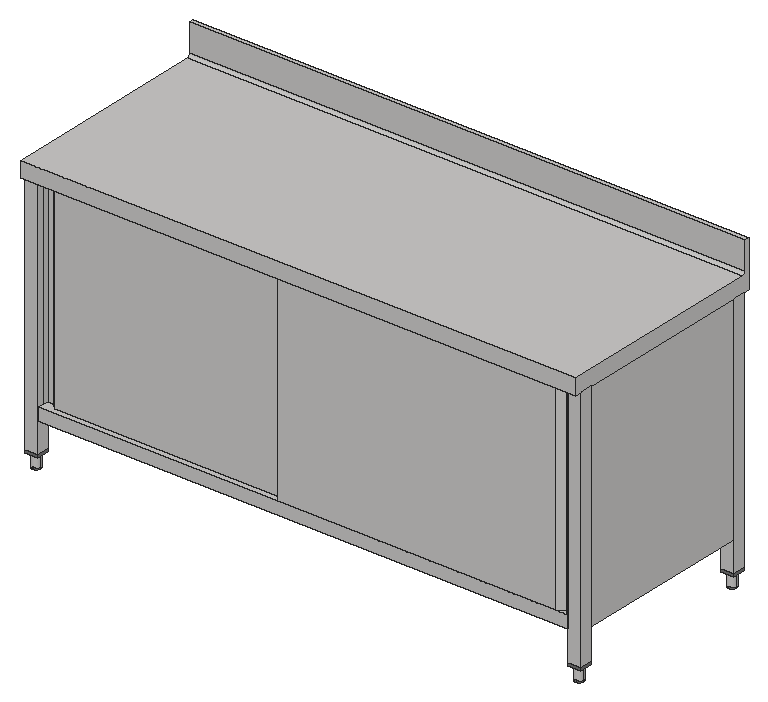
Revit family "QF_ELECTROLUXPROFESSIONAL_134037_GTN1810E", category Attrezzature speciali, Revit 2020
Family settings
  Quota connettore circolare = Usa diametro
  Tipo di parte = Normale
  Basato su piano di lavoro = No
  Sempre verticale = Sì
  Taglio con vuoti quando caricato = No
  Condiviso = No
  Punto di calcolo locali = No
Parameters (values of type "Standard")
  Weight = 95.00 kg
  Watts = 0 W
  Volts = 0 V
  URL Manufacturer = "https://www.electroluxprofessional.com/"
  URL = "https://www.electroluxprofessional.com/"
  Steam Supply Size = 0 mm
  Steam Supply Minimum Pressure = 0.0 Pa
  Steam Supply Maximum Pressure = 0.0 Pa
  Steam Consumption per Hour = 0
  Refrigeration Suction Line Size = 0.0 mm
  Refrigeration Liquid Line Size = 0.0 mm
  Refrigerant Compressor Remote = yes
  Prospetto di default = 0.0 mm
  Produttore = "Electrolux Professional"
  Phase = 0
  Modello = "GTN1810E"
  Length Actual = 1800.0 mm  # constant formula
  Item Number = "134037"
  Hot Water Size = 0 mm
  Height Actual = 1000.0 mm  # constant formula
  HP = "0 HP"
  Gas Size = 0 mm
  Gas KW = 0
  Gas Input Pressure = 0 W
  Direct Waste Size = 0 mm
  Descrizione = "WORKTOP CUPBOARD WITH UPSTAND 1800MM"
  Depth Actual = 700.0 mm  # constant formula
  Cycle = 0 Hz
  Condensate Return Size = 0 mm
  Compressed Air Volume = 0.0 L/s
  Compressed Air Size = 0 mm
  Compressed Air Pressure = 0.0 Pa
  Cold Water Size = 0 mm
  Accessory = yes
Reference planes
  plane 1 "Center (Front/Back)": y = 0
  plane 2: z = 0
  plane 3 "Center (Left/Right)": x = -400
  plane 4 "LEFT": x = -1300
  plane 5 "RIGHT": x = 500
  plane 6 "BACK": y = 350
  plane 7 "FRONT": y = -350
  plane 8 "Base": z = 850
  plane 9 "TOP": z = 900
  plane 10: x = -1280
  plane 11: x = 480
  plane 12: y = 310
  plane 13: y = -310
  plane 14 "BodyLeft": x = -1300
  plane 15 "BodyFront": y = -330
  plane 16 "BodyRight": x = 500
  plane 17 "BodyBack": y = 330
  plane 18 "FEET": z = 150
  plane 19: x = -320
  plane 20: x = -480
Forms (mm)
  Extrusion 1, solid, material "QF_Finishes_Stainless Steel"
    sketch origin (-400, 0, 0) x (0, 1, 0) y (0, 0, 1)
      loop
        line (-350, 850) -> (350, 850) -> (350, 1000) -> (337, 1000) -> (337, 910)
        arc (337, 910) -> (334.071, 902.929) -> (327, 900) r 10
        line (327, 900) -> (-350, 900) -> (-350, 850)
    from 900 to -900
  Extrusion 2, solid, material "QF_Finishes_Stainless Steel"
    sketch origin (0, 0, 150) x (-1, 0, 0) y (0, -1, 0)
      loop
        line (1300, -290) -> (1300, 290) -> (1260, 290) -> (1260, -290) -> (1300, -290)
      loop
        line (-460, -290) -> (-460, 290) -> (-500, 290) -> (-500, -290) -> (-460, -290)
    from 0 to 700
  Extrusion 3, solid, material "QF_Finishes_Stainless Steel"
    sketch origin (0, 0, 150) x (-1, 0, 0) y (0, -1, 0)
      loop
        line (1260, -290) -> (1260, 330) -> (-460, 330) -> (-460, -290) -> (1260, -290)
    from 0 to 40
  Extrusion 4, solid, material "QF_Finishes_Stainless Steel"
    sketch origin (0, 0, 150) x (-1, 0, 0) y (0, -1, 0)
      loop
        line (1260, -290) -> (-460, -290) -> (-460, -330) -> (1260, -330) -> (1260, -290)
    from 0 to 700
  Extrusion 5, solid, material "QF_Finishes_Stainless Steel"
    sketch origin (0, 0, 150) x (-1, 0, 0) y (0, -1, 0)
      loop
        line (-460, 330) -> (-460, 310) -> (480, 310) -> (480, 330) -> (-420, 330) -> (-440, 315) -> (-455, 315) -> (-455, 330) -> (-460, 330)
    from 40 to 700
  Extrusion 6, solid, material "QF_Finishes_Stainless Steel"
    sketch origin (0, 20, 150) x (1, 0, 0) y (0, 1, 0)
      loop
        line (-1260, -330) -> (-1255, -330) -> (-1255, -315) -> (-1240, -315) -> (-1220, -330) -> (-320, -330) -> (-320, -310) -> (-1260, -310) -> (-1260, -330)
    from 40 to 700
  Extrusion 7, solid, material "QF_Finishes_Stainless Steel"
    sketch origin (0, 0, 150) x (-1, 0, 0) y (0, -1, 0)
      loop
        line (1260, 290) -> (-460, 290) -> (-460, -290) -> (1260, -290) -> (1260, 290)
    from 350 to 390
Lines and regions (mm)
  symbolic lines
    curve 1: line (500, 350, 900) -> (-1300, 350, 900)
    curve 2: line (-1300, 350, 900) -> (-1300, -350, 900)
    curve 3: line (-1300, -350, 900) -> (500, -350, 900)
    curve 4: line (500, -350, 900) -> (500, 350, 900)
    curve 5: line (-1300, 337, 900) -> (500, 337, 900)
  symbolic lines, style "SpecialityEquipmentHiddenLines"
    curve 6: line (-1300, 330, 150) -> (500, 330, 150)
    curve 7: line (-1300, -330, 150) -> (-1300, 330, 150)
    curve 8: line (500, -330, 150) -> (-1300, -330, 150)
    curve 9: line (500, 330, 150) -> (500, -330, 150)
    curve 10: line (-1260, -290, 150) -> (-320, -290, 150)
    curve 11: line (-320, -290, 150) -> (-320, -310, 150)
    curve 12: line (-1260, -310, 150) -> (460, -310, 150)
    curve 13: line (460, -310, 150) -> (460, -330, 150)
    curve 14: line (-480, -310, 150) -> (-480, -330, 150)
    curve 15: line (-1260, -290, 150) -> (-1260, -310, 150)
Dimensions and locks
  plane 4 "LEFT" to plane 5 "RIGHT" = 1800.0 mm
  equal spacing: plane 4 "LEFT", plane 3 "Center (Left/Right)", plane 5 "RIGHT"
  locked: plane 8 "Base" to level at 850
  plane 9 "TOP" to level = 900.0 mm
  plane 6 "BACK" to plane 7 "FRONT" = 700.0 mm
  equal spacing: plane 6 "BACK", plane 1 "Center (Front/Back)", plane 7 "FRONT"
  locked: plane 4 "LEFT" to plane 14 "BodyLeft"
  locked: plane 16 "BodyRight" to plane 5 "RIGHT"
  locked: plane 15 "BodyFront" to plane 7 "FRONT" at 20
  locked: plane 6 "BACK" to plane 17 "BodyBack" at 20
  locked: plane 14 "BodyLeft" to plane 10 at 20
  locked: plane 11 to plane 16 "BodyRight" at 20
  locked: plane 13 to plane 15 "BodyFront" at 20
  locked: plane 17 "BodyBack" to plane 12 at 20
  plane 10 to plane 11 = 1760.0 mm
  plane 12 to plane 13 = 620.0 mm
  locked: plane 14 "BodyLeft" to Extrusion 2 sketch curve at 40
  Extrusion 2 sketch curve to Extrusion 2 sketch curve = 40.0 mm
  locked: plane 3 "Center (Left/Right)" to plane 19 at 80
  locked: plane 20 to plane 3 "Center (Left/Right)" at 80
  locked: plane 18 "FEET" to plane 2 at 150
  Extrusion 1 to level = 1000.0 mm
  aligned and locked: level to plane 2
  aligned and locked: plane 10 to nested 1
  aligned and locked: nested 1 to plane 13
  aligned and locked: plane 11 to nested 2
  aligned and locked: nested 2 to plane 13
  aligned and locked: plane 11 to nested 4
  aligned and locked: nested 4 to plane 12
  aligned and locked: plane 10 to nested 3
  aligned and locked: nested 3 to plane 12
  aligned and locked: Extrusion 1 to plane 4 "LEFT"
  aligned and locked: plane 5 "RIGHT" to Extrusion 1
  aligned and locked: curve 2 to plane 4 "LEFT"
  aligned and locked: Extrusion 2 sketch curve to plane 14 "BodyLeft"
  aligned and locked: plane 16 "BodyRight" to Extrusion 2 sketch curve
  aligned and locked: plane 8 "Base" to Extrusion 2
  aligned and locked: plane 8 "Base" to Extrusion 5
  aligned and locked: Extrusion 5 to Extrusion 3
  aligned and locked: Extrusion 6 sketch curve to plane 19
  aligned and locked: Extrusion 5 sketch curve to plane 20
  aligned and locked: Extrusion 1 to plane 8 "Base"
  aligned and locked: plane 9 "TOP" to Extrusion 1
  aligned and locked: curve 6 to plane 17 "BodyBack"
  aligned and locked: plane 14 "BodyLeft" to curve 7
  aligned and locked: plane 15 "BodyFront" to curve 8
  aligned and locked: plane 16 "BodyRight" to curve 9
  aligned and locked: Extrusion 3 sketch curve to Extrusion 2  (x2)
  aligned and locked: Extrusion 2 to Extrusion 4 sketch curve  (x2)
  aligned and locked: curve 8 to Extrusion 3 sketch curve
  aligned and locked: Extrusion 3 sketch curve to Extrusion 4
  aligned and locked: Extrusion 4 to plane 18 "FEET"
Automatic sketch dimensions
  Extrusion 5 sketch curve to plane 15 "BodyFront" = 0.0 mm  (x2)
  Extrusion 5 sketch curve to plane 11 = 20.0 mm
  Extrusion 5 sketch curve to Extrusion 5 sketch curve = 5.0 mm
  Extrusion 5 sketch curve to Extrusion 5 sketch curve = 15.0 mm
  Extrusion 5 sketch curve to Extrusion 5 sketch curve = 20.0 mm
  plane 15 "BodyFront" to Extrusion 5 sketch curve = 15.0 mm
  plane 15 "BodyFront" to Extrusion 5 sketch curve = 20.0 mm
  Extrusion 6 sketch curve to plane 15 "BodyFront" = 20.0 mm  (x2)
  Extrusion 6 sketch curve to plane 10 = 20.0 mm
  Extrusion 6 sketch curve to Extrusion 6 sketch curve = 5.0 mm
  Extrusion 6 sketch curve to Extrusion 6 sketch curve = 15.0 mm
  Extrusion 6 sketch curve to Extrusion 6 sketch curve = 20.0 mm  (x2)
  Extrusion 6 sketch curve to plane 15 "BodyFront" = 35.0 mm
  curve 11 to plane 19 = 0.0 mm
  curve 14 to plane 20 = 0.0 mm
  curve 12 to plane 11 = 20.0 mm
  plane 15 "BodyFront" to curve 10 = 40.0 mm
  curve 13 to curve 13 = 20.0 mm
  plane 10 to curve 15 = 20.0 mm
  Extrusion 4 sketch curve to plane 12 = 20.0 mm
  plane 13 to Extrusion 2 sketch curve = 20.0 mm  (x2)
  Extrusion 2 sketch curve to plane 12 = 20.0 mm  (x2)
  Extrusion 4 sketch curve to plane 17 "BodyBack" = 0.0 mm
  Extrusion 7 sketch curve to plane 11 = 20.0 mm
  plane 10 to Extrusion 7 sketch curve = 20.0 mm
  Extrusion 7 sketch curve to plane 12 = 20.0 mm
  plane 13 to Extrusion 7 sketch curve = 20.0 mm
  curve 3 to plane 7 "FRONT" = 0.0 mm
  curve 5 to plane 5 "RIGHT" = 0.0 mm
  curve 4 to plane 6 "BACK" = 0.0 mm
  plane 17 "BodyBack" to curve 5 = 7.0 mm
  Extrusion 1 sketch curve to plane 7 "FRONT" = 0.0 mm
  Extrusion 1 sketch curve to plane 9 "TOP" = 0.0 mm
  Extrusion 1 sketch curve to plane 6 "BACK" = 0.0 mm
  Extrusion 1 sketch curve to plane 8 "Base" = 0.0 mm
  Extrusion 1 sketch curve to plane 17 "BodyBack" = 3.0 mm
  plane 17 "BodyBack" to Extrusion 1 sketch curve = 7.0 mm
  Extrusion 1 sketch curve to Extrusion 1 sketch curve = 90.0 mm
Nested families
  nested 1: "FEET_40x40_APP50" at (-1280, -310, 0), type "FEET_40x40_APP50"
  nested 2: "FEET_40x40_APP50" at (480, -310, 0), type "FEET_40x40_APP50"
  nested 3: "FEET_40x40_APP50" at (-1280, 310, 0), type "FEET_40x40_APP50"
  nested 4: "FEET_40x40_APP50" at (480, 310, 0), type "FEET_40x40_APP50"
Definition of nested family "FEET_40x40_APP50"
  Parameters
    Default Elevation = 0.0 mm
    FEET = 850.0 mm
  Reference planes
    plane 1 "Center (Front/Back)": y = 0
    plane 2: z = 0
    plane 3 "Center (Left/Right)": x = 0
    plane 4: z = 850
  Forms (mm)
    Extrusion 1, solid
      sketch origin (0, 0, 0) x (1, 0, 0) y (0, 1, 0)
        loop
          line (-20, -20) -> (20, -20) -> (20, 20) -> (-20, 20) -> (-20, -20)
      from 50 to 850
    Extrusion 2, solid
      sketch origin (0, 0, 0) x (1, 0, 0) y (0, 1, 0)
        loop
          circle (0, 0) r 15
      from 0 to 5
    Extrusion 3, solid
      sketch origin (0, 0, 0) x (1, 0, 0) y (0, 1, 0)
        loop
          line (-20, -20) -> (20, -20) -> (20, 20) -> (-20, 20) -> (-20, -20)
      from 50 to 42
    Extrusion 4, solid
      sketch origin (0, 0, 0) x (1, 0, 0) y (0, 1, 0)
        loop
          circle (0, 0) r 15
      from 5 to 42
  Lines and regions (mm)
    symbolic lines
      curve 1: line (0, -1.503, 0) -> (0, 1.508, 0)
      curve 2: line (1.561, 0, 0) -> (-1.439, 0, 0)
  Dimensions and locks
    "FEET": plane 4 to plane 2
    aligned and locked: level to plane 2
  Automatic sketch dimensions
    plane 1 "Center (Front/Back)" to curve 2 = 0.0 mm
    curve 1 to plane 3 "Center (Left/Right)" = 0.0 mm
    curve 2 to plane 3 "Center (Left/Right)" = 1.439 mm
    plane 3 "Center (Left/Right)" to curve 2 = 1.561 mm
    plane 1 "Center (Front/Back)" to curve 1 = 1.503 mm
    curve 1 to plane 1 "Center (Front/Back)" = 1.508 mm
    Extrusion 1 sketch curve to plane 3 "Center (Left/Right)" = 20.0 mm
    plane 3 "Center (Left/Right)" to Extrusion 1 sketch curve = 20.0 mm
    plane 1 "Center (Front/Back)" to Extrusion 1 sketch curve = 20.0 mm
    Extrusion 1 sketch curve to plane 1 "Center (Front/Back)" = 20.0 mm
    plane 1 "Center (Front/Back)" to Extrusion 2 sketch curve = 0.0 mm
    Extrusion 2 sketch curve to plane 3 "Center (Left/Right)" = 0.0 mm
    Extrusion 3 sketch curve to plane 3 "Center (Left/Right)" = 20.0 mm
    plane 3 "Center (Left/Right)" to Extrusion 3 sketch curve = 20.0 mm
    plane 1 "Center (Front/Back)" to Extrusion 3 sketch curve = 20.0 mm
    Extrusion 3 sketch curve to plane 1 "Center (Front/Back)" = 20.0 mm
    plane 1 "Center (Front/Back)" to Extrusion 4 sketch curve = 0.0 mm
    Extrusion 4 sketch curve to plane 3 "Center (Left/Right)" = 0.0 mm
    radius of Extrusion 2 sketch curve = 15.0 mm
    radius of Extrusion 4 sketch curve = 15.0 mm
